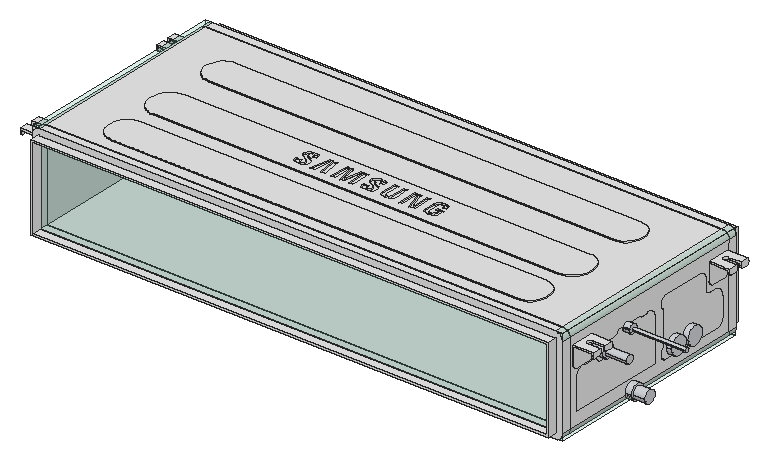
Revit family "EU_SINGLE_IDU_GDS_Ver.1.0", category 기계 장비, Revit 2019
Family settings
  원형 커넥터 치수 = 반지름 사용
  부품 유형 = 보통
  작업 기준면 기반 = 아니오
  항상 수직 = 예
  로드될 때 보이드를 사용하여 절단 = 아니오
  공유 = 아니오
  룸 계산 점 = 아니오
Parameters (values of type "7.1kW, 220-240V, Global DUCT S, R32")
  Voltage [instance] = "220~240 V"
  URL = "www.samsung.com"
  Total Heating Capacity [instance] = 8.00 kW
  Total Cooling Capacity [instance] = 7.10 kW
  System Served = ""
  Supply Air Connection Width [instance] = Net Dimensions Width - 33.00 mm  # 1067.00 mm
  Supply Air Connection Offset Bottom [instance] = 0.00 mm
  Supply Air Connection Height [instance] = Net Dimensions Height - 30.00 mm  # 170.00 mm
  Subscribe for Update Alerts = ""
  Sound Pressure Middle [instance] = "32.00 CMM"
  Sound Pressure Low [instance] = "27.00 CMM"
  Sound Pressure High [instance] = "37.00 CMM"
  Sound Power Cooling [instance] = "59.00 CMM"
  Serial Number = ""
  Sensible Cooling Capacity [instance] = 0.00 kW
  Sales Rep Locator = ""
  Return Air Connection Width [instance] = Net Dimensions Width - 33.00 mm  # 1067.00 mm
  Return Air Connection Offset Bottom [instance] = 0.00 mm
  Return Air Connection Height [instance] = Net Dimensions Height - 30.00 mm  # 170.00 mm
  Refrigerant Type = "R32"
  Refrigerant Suction Gas Connection Radius [instance] = if(1 = 1, Refrigerant Suction Gas Connection Diameter / 2, 0.00 mm)  # 7.94 mm
  Refrigerant Suction Gas Connection Offset Left [instance] = 99.34 mm
  Refrigerant Suction Gas Connection Offset Bottom [instance] = 130.00 mm
  Refrigerant Suction Gas Connection Diameter [instance] = 15.88 mm
  Refrigerant Liquid Connection Radius [instance] = if(1 = 1, Refrigerant Liquid Connection Diameter / 2, 0.00 mm)  # 3.175 mm
  Refrigerant Liquid Connection Offset Left [instance] = 164.00 mm
  Refrigerant Liquid Connection Offset Bottom [instance] = 143.00 mm
  Refrigerant Liquid Connection Diameter [instance] = 6.35 mm
  Product Page URL = ""
  Product Documentation Link = ""
  Power Supply [instance] = 50.00 Hz
  Power Input Heating [instance] = 2.38 W
  Power Input Cooling [instance] = 2.38 W
  Power Connection Offset Left [instance] = 282.782 mm
  Power Connection Offset Bottom [instance] = 59.765 mm
  Phase [instance] = 1
  Panel Net Dimensions Width [instance] = 0.00 mm
  Panel Net Dimensions Height [instance] = 0.00 mm
  Panel Net Dimensions Depth [instance] = 0.00 mm
  Panel Model = "-"
  Panel  Net Weight = 0.00 kg
  Number of poles [instance] = ""
  Notes = ""
  Net Dimensions Width [instance] = 1100.00 mm
  Net Dimensions Height [instance] = 200.00 mm
  Net Dimensions Depth [instance] = 450.00 mm
  모델 = "AC071RNLDKG/EU"
  Net  Weight = 23.40 kg
  Motor Output [instance] = 153 W
  Maximum Rated Over Protection Device [instance] = "Fuse"
  Manufacturer Metadata = ""
  제조업체 = "SAMSUNG"
  Location = ""
  Heating Leaving Dry Bulb Temperature [instance] = 0 °C
  Heating Entering Dry Bulb Temperature [instance] = 7 °C
  Free Content Downloads = ""
  Family Load Status [instance] = "Valid - Type loaded via type catalog"
  External Static Pressure [instance] = "0.00 mmaq"
  Equipment Finish [instance] = Molded case
  Designation = ""
  Design Heating Air Flow Minimum [instance] = "0.00 CMM"
  Design Heating Air Flow Maximum [instance] = "0.00 CMM"
  Design Cooling Air Flow Minimum [instance] = "10.00 CMM"
  Design Cooling Air Flow Maximum [instance] = "19.00 CMM"
  Design Ambient Winter Wet Bulb Temperature [instance] = 6 °C
  Design Ambient Winter Dry Bulb Temperature [instance] = 7 °C
  Design Ambient Summer Dry Bulb Temperature [instance] = 35 °C
  Decoration Panel Finish [instance] = White
  Current Input Heating [instance] = 10.4 A
  Current Input Cooling [instance] = 10.5 A
  Cooling Leaving Wet Bulb Temperature [instance] = 0 °C
  Cooling Leaving Dry Bulb Temperature [instance] = 0 °C
  Cooling Entering Wet Bulb Temperature [instance] = 24 °C
  Cooling Entering Dry Bulb Temperature [instance] = 35 °C
  Conduit for power supply & communication wiring [instance] = 35.984 mm
  Condensate Drain Connection Radius [instance] = if(1 = 1, Condensate Drain Connection Diameter / 2, 0.00 mm)  # 12.50 mm
  Condensate Drain Connection Offset left [instance] = 175.47 mm
  Condensate Drain Connection Offset Bottom [instance] = 21.00 mm
  Condensate Drain Connection Diameter [instance] = 25.00 mm
  Clearance Type [instance] = Do not Include Clearance : Do not Include Clearance
  Clearance Offset Top [instance] = 0.00 mm
  Clearance Offset Right [instance] = 0.00 mm
  Clearance Offset Left [instance] = 0.00 mm
  Clearance Offset Front [instance] = 0.00 mm
  Clearance Offset Bottom [instance] = 0.00 mm
  Clearance Offset Back [instance] = 0.00 mm
  Actual Ventilation Air Flow [instance] = "0.00 CMM"
  Actual Supply Air Flow [instance] = "0.00 CMM"
  Actual Return Air Flow [instance] = "0.00 CMM"
  Actual Air Flow Imbalance [instance] = "0.00 CMM"
Reference planes
  plane 1 "Center (Front/Back)": y = 0
  plane 2: z = 0
  plane 3 "Center (Left/Right)": x = 0
  plane 4 "Left": x = -550
  plane 5 "Right": x = 550
  plane 6 "Back": y = 225
  plane 7 "Front": y = -225
  plane 8 "Top": z = 200
  plane 9 "Air Inlet": y = 245
  plane 10 "Air Outlet": y = -245
  plane 11: x = -533.5
  plane 12: x = 533.5
  plane 13: y = 207
  plane 14: y = -207
  plane 15: z = 100
  plane 16: z = 185
  plane 17: z = 15
  plane 18: x = 533.5
  plane 19: x = -533.5
  plane 20: z = 185
  plane 21: z = 15
  plane 22: z = 130
  plane 23: y = -125.66
  plane 24: y = -61
  plane 25: z = 143
  plane 26: y = -49.53
  plane 27: z = 21
  plane 28: y = 167.317
  plane 29: z = 53.409
  plane 30: z = 94.391
  plane 31: x = 676.935
  plane 32: x = 609.677
  plane 33: x = 590.655
  plane 34: z = -2
  plane 35: z = 202
  plane 36: z = 59.765
  plane 37: y = 57.782
Forms (mm)
  Extrusion 1, solid, material "Ivory"
    sketch origin (0, 0, 0) x (1, 0, 0) y (0, 0, 1)
      loop
        line (-550, 185) -> (-550, 15)
        arc (-550, 15) -> (-545.607, 4.393) -> (-535, 0) r 15
        line (-535, 0) -> (535, 0)
        arc (535, 0) -> (545.607, 4.393) -> (550, 15) r 15
        line (550, 15) -> (550, 185)
        arc (550, 185) -> (545.607, 195.607) -> (535, 200) r 15
        line (535, 200) -> (-535, 200)
        arc (-535, 200) -> (-545.607, 195.607) -> (-550, 185) r 15
      loop
        line (534, 185) -> (-534, 185) -> (-534, 15) -> (534, 15) -> (534, 185)
    from -207 to 207
  Extrusion 2, solid, material "Ivory"
    sketch origin (0, -245, 0) x (-1, 0, 0) y (0, 0, 1)
      loop
        line (-533.5, 185) -> (-533.5, 15) -> (533.5, 15) -> (533.5, 185) -> (-533.5, 185)
      loop
        line (536.5, 188) -> (-536.5, 188) -> (-536.5, 12) -> (536.5, 12) -> (536.5, 188)
    from 0 to 20
  Extrusion 3, solid, material "Ivory"
    sketch origin (0, 245, 0) x (-1, 0, 0) y (0, 0, 1)
      loop
        line (533.5, 15) -> (533.5, 185) -> (-533.5, 185) -> (-533.5, 15) -> (533.5, 15)
      loop
        line (-536.5, 12) -> (536.5, 12) -> (536.5, 188) -> (-536.5, 188) -> (-536.5, 12)
    from 0 to -20
  Extrusion 4, solid
    sketch origin (550, 0, 0) x (0, 1, 0) y (0, 0, 1)
      loop
        circle (99.771, 59.765) r 17.992
      loop
        circle (57.782, 59.765) r 17.992
    from 0 to 15
  Extrusion 5, solid
    sketch origin (550, 0, 0) x (0, 1, 0) y (0, 0, 1)
      loop
        circle (-49.53, 21) r 12.5
    from 0 to 40.655
  Extrusion 6, solid
    sketch origin (550, 0, 0) x (0, 1, 0) y (0, 0, 1)
      loop
        circle (-125.66, 130) r 7.94
    from 0 to 59.677
  Extrusion 7, solid
    sketch origin (550, 0, 0) x (0, 1, 0) y (0, 0, 1)
      loop
        circle (-61, 143) r 3.175
    from 0 to 126.935
  Extrusion 8, solid
    sketch origin (550, 0, 0) x (0, 1, 0) y (0, 0, 1)
      loop
        circle (-125.66, 130) r 13
    from 0 to 15
  Extrusion 9, solid
    sketch origin (550, 0, 0) x (0, 1, 0) y (0, 0, 1)
      loop
        circle (-61, 143) r 8.5
    from 0 to 15
  Extrusion 10, solid
    sketch origin (550, 0, 0) x (0, 1, 0) y (0, 0, 1)
      loop
        circle (-49.53, 21) r 15.335
    from 0 to 15
  Extrusion 11, solid, material "Ivory"
    sketch origin (0, -207, 0) x (1, 0, 0) y (0, 0, 1)
      loop
        line (-534, 15) -> (534, 15) -> (534, 185) -> (-534, 185) -> (-534, 15)
      loop
        line (-550, 185) -> (-550, 15)
        arc (-550, 15) -> (-545.607, 4.393) -> (-535, 0) r 15
        line (-535, 0) -> (535, 0)
        arc (535, 0) -> (545.607, 4.393) -> (550, 15) r 15
        line (550, 15) -> (550, 185)
        arc (550, 185) -> (545.607, 195.607) -> (535, 200) r 15
        line (535, 200) -> (-535, 200)
        arc (-535, 200) -> (-545.607, 195.607) -> (-550, 185) r 15
    from 0 to 18
  Extrusion 12, solid, material "Ivory"
    sketch origin (0, 207, 0) x (-1, 0, 0) y (0, 0, 1)
      loop
        line (535, 200) -> (-535, 200)
        arc (-535, 200) -> (-545.607, 195.607) -> (-550, 185) r 15
        line (-550, 185) -> (-550, 15)
        arc (-550, 15) -> (-545.607, 4.393) -> (-535, 0) r 15
        line (-535, 0) -> (535, 0)
        arc (535, 0) -> (545.607, 4.393) -> (550, 15) r 15
        line (550, 15) -> (550, 185)
        arc (550, 185) -> (545.607, 195.607) -> (535, 200) r 15
      loop
        line (-534, 185) -> (-534, 15) -> (534, 15) -> (534, 185) -> (-534, 185)
    from 0 to 18
  Extrusion 13, solid, material "Ivory"
    sketch origin (535, 0, 200) x (-1, 0, 0) y (0, -1, 0)
      loop
        arc (954.26, -140.88) -> (978.196, -130.966) -> (988.111, -107.029) r 33.851
        line (988.111, -107.029) -> (988.111, -102.03)
        arc (988.111, -102.03) -> (978.196, -78.094) -> (954.26, -68.179) r 33.851
        line (954.26, -68.179) -> (115.468, -68.179)
        arc (115.468, -68.179) -> (91.531, -78.094) -> (81.616, -102.03) r 33.851
        line (81.616, -102.03) -> (81.616, -107.029)
        arc (81.616, -107.029) -> (91.531, -130.966) -> (115.468, -140.88) r 33.851
        line (115.468, -140.88) -> (954.26, -140.88)
      loop
        arc (954.26, -6.515) -> (981.023, 4.571) -> (992.109, 31.334) r 37.85
        line (992.109, 31.334) -> (992.109, 36.333)
        arc (992.109, 36.333) -> (981.023, 63.097) -> (954.26, 74.183) r 37.85
        line (954.26, 74.183) -> (115.468, 74.183)
        arc (115.468, 74.183) -> (88.704, 63.097) -> (77.618, 36.333) r 37.85
        line (77.618, 36.333) -> (77.618, 31.334)
        arc (77.618, 31.334) -> (88.704, 4.571) -> (115.468, -6.515) r 37.85
        line (115.468, -6.515) -> (954.26, -6.515)
      loop
        arc (954.26, 106.204) -> (979.081, 116.486) -> (989.362, 141.307) r 35.103
        line (989.362, 141.307) -> (989.362, 146.306)
        arc (989.362, 146.306) -> (979.081, 171.127) -> (954.26, 181.409) r 35.103
        line (954.26, 181.409) -> (115.468, 181.409)
        arc (115.468, 181.409) -> (90.646, 171.127) -> (80.365, 146.306) r 35.103
        line (80.365, 146.306) -> (80.365, 141.307)
        arc (80.365, 141.307) -> (90.646, 116.486) -> (115.468, 106.204) r 35.103
        line (115.468, 106.204) -> (954.26, 106.204)
      loop
        line (637.987, 12.826) -> (645.609, 53.954) -> (635.794, 53.954) -> (630.118, 16.291)
        arc (630.118, 16.291) -> (629.08, 15.398) -> (628.044, 16.294) r 1.048
        line (628.044, 16.294) -> (622.508, 53.954) -> (612.777, 53.954) -> (620.353, 12.826) -> (637.987, 12.826)
      loop
        line (601.405, 12.826) -> (602.312, 53.954) -> (593.322, 53.954) -> (593.056, 16.653)
        arc (593.056, 16.653) -> (592.142, 15.661) -> (591.068, 16.476) r 1.003
        line (591.068, 16.476) -> (584.087, 53.954) -> (574.642, 53.954) -> (567.656, 16.415)
        arc (567.656, 16.415) -> (566.588, 15.604) -> (565.68, 16.59) r 0.997
        line (565.68, 16.59) -> (565.413, 53.954) -> (556.427, 53.954) -> (557.331, 12.826) -> (573.233, 12.826) -> (578.344, 44.509)
        arc (578.344, 44.509) -> (579.368, 45.381) -> (580.392, 44.509) r 1.037
        line (580.392, 44.509) -> (585.499, 12.826) -> (601.405, 12.826)
      loop
        line (516.287, 23.668) -> (516.287, 21.532)
        spline (516.287, 21.532) -> (516.391, 19.964) -> (516.679, 18.532) -> (517.153, 17.237) -> (517.811, 16.078) -> (518.654, 15.055) -> (519.683, 14.169) -> (520.896, 13.419) -> (522.294, 12.806) -> (523.877, 12.328) -> (525.645, 11.988) -> (527.598, 11.783) -> (529.736, 11.715)
        spline (529.736, 11.715) -> (531.738, 11.787) -> (533.587, 11.978) -> (535.285, 12.288) -> (536.83, 12.716) -> (538.224, 13.262) -> (539.465, 13.928) -> (540.554, 14.711) -> (541.492, 15.613) -> (542.277, 16.634) -> (542.91, 17.773) -> (543.391, 19.031) -> (543.721, 20.408)
        spline (543.721, 20.408) -> (543.811, 20.881) -> (543.884, 21.35) -> (543.938, 21.815) -> (543.975, 22.276) -> (543.994, 22.733) -> (543.996, 23.186) -> (543.979, 23.635) -> (543.945, 24.081) -> (543.893, 24.522) -> (543.823, 24.959) -> (543.735, 25.392) -> (543.629, 25.821)
        spline (543.629, 25.821) -> (543.038, 27.639) -> (541.932, 29.303) -> (540.412, 30.834) -> (538.578, 32.256) -> (536.53, 33.59) -> (534.367, 34.859) -> (532.189, 36.084) -> (530.097, 37.288) -> (528.19, 38.494) -> (526.568, 39.723) -> (525.331, 40.997) -> (524.579, 42.34)
        line (524.579, 42.34) -> (524.452, 46.003) -> (529.425, 49.497) -> (534.548, 44.803) -> (534.548, 41.552) -> (544.212, 41.552) -> (544.212, 43.962)
        spline (544.212, 43.962) -> (544.082, 45.794) -> (543.755, 47.467) -> (543.231, 48.981) -> (542.51, 50.335) -> (541.592, 51.53) -> (540.478, 52.566) -> (539.166, 53.442) -> (537.657, 54.159) -> (535.952, 54.717) -> (534.049, 55.115) -> (531.95, 55.354) -> (529.653, 55.434)
        spline (529.653, 55.434) -> (527.618, 55.371) -> (525.738, 55.184) -> (524.013, 54.873) -> (522.445, 54.437) -> (521.032, 53.876) -> (519.775, 53.191) -> (518.674, 52.382) -> (517.728, 51.447) -> (516.938, 50.388) -> (516.304, 49.205) -> (515.826, 47.897) -> (515.503, 46.465)
        spline (515.503, 46.465) -> (515.425, 45.858) -> (515.361, 45.26) -> (515.312, 44.672) -> (515.278, 44.094) -> (515.259, 43.524) -> (515.255, 42.964) -> (515.266, 42.413) -> (515.291, 41.872) -> (515.332, 41.34) -> (515.387, 40.817) -> (515.457, 40.303) -> (515.542, 39.799)
        spline (515.542, 39.799) -> (516.408, 37.636) -> (517.701, 35.769) -> (519.331, 34.153) -> (521.21, 32.741) -> (523.251, 31.489) -> (525.364, 30.349) -> (527.462, 29.278) -> (529.455, 28.228) -> (531.256, 27.154) -> (532.776, 26.011) -> (533.927, 24.752) -> (534.62, 23.332)
        line (534.62, 23.332) -> (534.672, 20.712)
        spline (534.672, 20.712) -> (534.5, 20.151) -> (534.288, 19.639) -> (534.036, 19.175) -> (533.744, 18.76) -> (533.412, 18.394) -> (533.04, 18.077) -> (532.628, 17.809) -> (532.175, 17.589) -> (531.683, 17.418) -> (531.15, 17.296) -> (530.578, 17.223) -> (529.965, 17.199)
        spline (529.965, 17.199) -> (529.219, 17.269) -> (528.537, 17.397) -> (527.917, 17.584) -> (527.36, 17.83) -> (526.865, 18.133) -> (526.434, 18.496) -> (526.065, 18.917) -> (525.76, 19.396) -> (525.517, 19.934) -> (525.337, 20.53) -> (525.22, 21.185) -> (525.165, 21.899)
        line (525.165, 21.899) -> (525.165, 23.668) -> (516.287, 23.668)
      loop
        line (494.459, 12.829) -> (503.588, 12.829) -> (503.588, 42.715)
        arc (503.588, 42.715) -> (503.564, 44.077) -> (503.491, 45.438) r 38.033
        spline (503.491, 45.438) -> (503.245, 47.006) -> (502.83, 48.439) -> (502.246, 49.735) -> (501.493, 50.895) -> (500.572, 51.918) -> (499.481, 52.805) -> (498.222, 53.555) -> (496.794, 54.169) -> (495.197, 54.646) -> (493.431, 54.988) -> (491.496, 55.192) -> (489.392, 55.26)
        spline (489.392, 55.26) -> (487.288, 55.192) -> (485.354, 54.988) -> (483.588, 54.646) -> (481.991, 54.169) -> (480.562, 53.555) -> (479.303, 52.805) -> (478.213, 51.918) -> (477.291, 50.895) -> (476.538, 49.735) -> (475.955, 48.439) -> (475.54, 47.006) -> (475.294, 45.438)
        arc (475.294, 45.438) -> (475.221, 44.077) -> (475.196, 42.715) r 38.033
        line (475.196, 42.715) -> (475.193, 12.829) -> (484.322, 12.829) -> (484.322, 44.17)
        arc (484.322, 44.17) -> (489.391, 49.238) -> (494.459, 44.17) r 5.068
        line (494.459, 44.17) -> (494.459, 12.829)
      loop
        line (461.607, 53.51) -> (452.798, 53.51) -> (453.368, 19.93)
        arc (453.368, 19.93) -> (452.507, 18.906) -> (451.374, 19.616) r 1.019
        line (451.374, 19.616) -> (441.073, 53.51) -> (427.307, 53.51) -> (427.307, 12.826) -> (436.185, 12.826) -> (435.624, 45.126)
        arc (435.624, 45.126) -> (436.505, 46.169) -> (437.656, 45.435) r 1.037
        line (437.656, 45.435) -> (447.196, 12.826) -> (461.607, 12.826) -> (461.607, 53.51)
      loop
        line (414.318, 24.231) -> (414.318, 42.253)
        arc (414.318, 42.253) -> (414.281, 43.628) -> (414.169, 45) r 25.436
        spline (414.169, 45) -> (413.883, 46.567) -> (413.433, 47.999) -> (412.82, 49.294) -> (412.044, 50.453) -> (411.105, 51.475) -> (410.003, 52.361) -> (408.737, 53.111) -> (407.309, 53.724) -> (405.717, 54.202) -> (403.962, 54.542) -> (402.044, 54.747) -> (399.964, 54.815)
        spline (399.964, 54.815) -> (397.882, 54.747) -> (395.963, 54.542) -> (394.207, 54.201) -> (392.615, 53.724) -> (391.185, 53.11) -> (389.919, 52.36) -> (388.817, 51.473) -> (387.877, 50.45) -> (387.101, 49.291) -> (386.487, 47.995) -> (386.037, 46.563) -> (385.75, 44.995)
        arc (385.75, 44.995) -> (385.634, 43.623) -> (385.596, 42.248) r 24.469
        line (385.596, 42.248) -> (385.596, 31.629) -> (399.064, 31.629) -> (399.064, 36.164) -> (396.282, 36.164)
        arc (396.282, 36.164) -> (395.145, 36.635) -> (394.674, 37.772) r 1.608
        line (394.674, 37.772) -> (394.674, 43.221)
        arc (394.674, 43.221) -> (394.701, 44.111) -> (394.781, 44.998) r 14.848
        spline (394.781, 44.998) -> (394.982, 45.609) -> (395.226, 46.166) -> (395.512, 46.671) -> (395.841, 47.122) -> (396.213, 47.521) -> (396.628, 47.866) -> (397.085, 48.158) -> (397.585, 48.397) -> (398.127, 48.583) -> (398.712, 48.716) -> (399.34, 48.795) -> (400.011, 48.822)
        spline (400.011, 48.822) -> (400.68, 48.795) -> (401.306, 48.716) -> (401.89, 48.583) -> (402.432, 48.398) -> (402.93, 48.16) -> (403.386, 47.868) -> (403.8, 47.524) -> (404.171, 47.126) -> (404.499, 46.676) -> (404.785, 46.172) -> (405.028, 45.616) -> (405.229, 45.007)
        arc (405.229, 45.007) -> (405.316, 44.118) -> (405.345, 43.225) r 13.734
        line (405.345, 43.225) -> (405.345, 23.648)
        arc (405.345, 23.648) -> (405.298, 22.539) -> (405.156, 21.438) r 13.005
        spline (405.156, 21.438) -> (404.992, 20.856) -> (404.781, 20.322) -> (404.522, 19.836) -> (404.215, 19.4) -> (403.861, 19.011) -> (403.459, 18.671) -> (403.01, 18.38) -> (402.513, 18.137) -> (401.968, 17.942) -> (401.376, 17.796) -> (400.737, 17.698) -> (400.049, 17.649)
        spline (400.049, 17.649) -> (399.359, 17.699) -> (398.717, 17.797) -> (398.123, 17.943) -> (397.576, 18.138) -> (397.078, 18.382) -> (396.626, 18.675) -> (396.223, 19.016) -> (395.868, 19.406) -> (395.56, 19.845) -> (395.3, 20.332) -> (395.088, 20.868) -> (394.924, 21.452)
        arc (394.924, 21.452) -> (394.81, 22.349) -> (394.772, 23.252) r 10.794
        line (394.772, 23.252) -> (394.772, 24.797) -> (385.72, 24.797)
        arc (385.72, 24.797) -> (385.675, 23.139) -> (385.774, 21.484) r 19.142
        spline (385.774, 21.484) -> (386.028, 19.917) -> (386.45, 18.486) -> (387.041, 17.191) -> (387.801, 16.033) -> (388.73, 15.011) -> (389.828, 14.125) -> (391.094, 13.376) -> (392.53, 12.762) -> (394.134, 12.285) -> (395.907, 11.945) -> (397.849, 11.74) -> (399.96, 11.672)
        spline (399.96, 11.672) -> (402.051, 11.74) -> (403.976, 11.944) -> (405.736, 12.285) -> (407.331, 12.762) -> (408.761, 13.375) -> (410.025, 14.124) -> (411.124, 15.01) -> (412.058, 16.031) -> (412.826, 17.189) -> (413.43, 18.483) -> (413.868, 19.914) -> (414.141, 21.48)
        arc (414.141, 21.48) -> (414.274, 22.853) -> (414.318, 24.231) r 21.394
      loop
        line (655.526, 23.57) -> (655.526, 21.434)
        spline (655.526, 21.434) -> (655.629, 19.866) -> (655.918, 18.435) -> (656.391, 17.139) -> (657.05, 15.98) -> (657.893, 14.958) -> (658.921, 14.071) -> (660.134, 13.321) -> (661.533, 12.708) -> (663.116, 12.231) -> (664.884, 11.89) -> (666.837, 11.685) -> (668.974, 11.617)
        spline (668.974, 11.617) -> (670.976, 11.689) -> (672.826, 11.88) -> (674.523, 12.19) -> (676.069, 12.618) -> (677.462, 13.165) -> (678.704, 13.83) -> (679.793, 14.613) -> (680.73, 15.516) -> (681.516, 16.536) -> (682.149, 17.676) -> (682.63, 18.933) -> (682.959, 20.31)
        spline (682.959, 20.31) -> (683.049, 20.783) -> (683.122, 21.252) -> (683.177, 21.717) -> (683.214, 22.178) -> (683.233, 22.635) -> (683.234, 23.088) -> (683.218, 23.538) -> (683.183, 23.983) -> (683.131, 24.424) -> (683.061, 24.861) -> (682.973, 25.294) -> (682.868, 25.723)
        spline (682.868, 25.723) -> (682.276, 27.541) -> (681.171, 29.205) -> (679.651, 30.737) -> (677.817, 32.158) -> (675.768, 33.492) -> (673.605, 34.761) -> (671.428, 35.986) -> (669.336, 37.19) -> (667.429, 38.396) -> (665.807, 39.625) -> (664.569, 40.899) -> (663.817, 42.242)
        line (663.817, 42.242) -> (663.691, 45.905) -> (668.663, 49.4) -> (673.787, 44.705) -> (673.787, 41.454) -> (683.45, 41.454) -> (683.45, 43.864)
        spline (683.45, 43.864) -> (683.32, 45.696) -> (682.993, 47.369) -> (682.469, 48.883) -> (681.749, 50.237) -> (680.831, 51.432) -> (679.716, 52.468) -> (678.404, 53.344) -> (676.896, 54.061) -> (675.19, 54.619) -> (673.288, 55.017) -> (671.188, 55.256) -> (668.892, 55.336)
        spline (668.892, 55.336) -> (666.856, 55.273) -> (664.976, 55.087) -> (663.252, 54.775) -> (661.683, 54.339) -> (660.271, 53.779) -> (659.014, 53.093) -> (657.912, 52.284) -> (656.967, 51.35) -> (656.177, 50.291) -> (655.543, 49.107) -> (655.064, 47.799) -> (654.742, 46.367)
        spline (654.742, 46.367) -> (654.663, 45.76) -> (654.599, 45.163) -> (654.551, 44.575) -> (654.517, 43.996) -> (654.498, 43.426) -> (654.494, 42.866) -> (654.504, 42.316) -> (654.53, 41.774) -> (654.57, 41.242) -> (654.626, 40.719) -> (654.696, 40.205) -> (654.781, 39.701)
        spline (654.781, 39.701) -> (655.647, 37.538) -> (656.939, 35.671) -> (658.569, 34.055) -> (660.449, 32.643) -> (662.489, 31.391) -> (664.603, 30.252) -> (666.7, 29.18) -> (668.694, 28.13) -> (670.495, 27.056) -> (672.015, 25.913) -> (673.166, 24.654) -> (673.859, 23.234)
        line (673.859, 23.234) -> (673.911, 20.614)
        spline (673.911, 20.614) -> (673.739, 20.053) -> (673.527, 19.541) -> (673.275, 19.077) -> (672.983, 18.662) -> (672.651, 18.297) -> (672.279, 17.979) -> (671.866, 17.711) -> (671.414, 17.491) -> (670.921, 17.321) -> (670.389, 17.199) -> (669.816, 17.125) -> (669.203, 17.101)
        spline (669.203, 17.101) -> (668.458, 17.171) -> (667.775, 17.299) -> (667.155, 17.486) -> (666.598, 17.732) -> (666.104, 18.036) -> (665.672, 18.398) -> (665.304, 18.819) -> (664.998, 19.298) -> (664.755, 19.836) -> (664.575, 20.433) -> (664.458, 21.087) -> (664.404, 21.801)
        line (664.404, 21.801) -> (664.404, 23.57) -> (655.526, 23.57)
    from 0 to 2
  Extrusion 14, solid, material "Ivory"
    sketch origin (550, 0, 0) x (0, 1, 0) y (0, 0, 1)
      loop
        line (-189.805, 42.614) -> (10.678, 42.614) -> (10.678, 130.772)
        arc (10.678, 130.772) -> (6.285, 141.376) -> (-4.319, 145.768) r 14.996
        line (-4.319, 145.768) -> (-5.625, 145.768)
        arc (-5.625, 145.768) -> (-7.108, 145.11) -> (-7.615, 143.568) r 2
        line (-7.615, 143.568) -> (-25.129, 143.568)
        arc (-25.129, 143.568) -> (-25.636, 145.11) -> (-27.119, 145.768) r 2
        line (-27.119, 145.768) -> (-48.33, 145.768)
        arc (-48.33, 145.768) -> (-49.663, 145.258) -> (-50.318, 143.993) r 2
        arc (-50.318, 143.993) -> (-50.553, 142.621) -> (-50.95, 141.287) r 11.647
        arc (-50.95, 141.287) -> (-63.281, 133.706) -> (-73.47, 143.988) r 11.646
        arc (-73.47, 143.988) -> (-74.124, 145.258) -> (-75.457, 145.768) r 2
        line (-75.457, 145.768) -> (-79.413, 145.768)
        arc (-79.413, 145.768) -> (-82.672, 144.56) -> (-84.355, 141.519) r 4.999
        arc (-84.355, 141.519) -> (-86.039, 138.478) -> (-89.298, 137.27) r 4.999
        line (-89.298, 137.27) -> (-102.978, 137.27)
        arc (-102.978, 137.27) -> (-106.513, 135.806) -> (-107.977, 132.271) r 4.999
        line (-107.977, 132.271) -> (-107.977, 124.677) -> (-109.277, 124.677)
        arc (-109.277, 124.677) -> (-122.628, 108.36) -> (-141.265, 118.219) r 16.646
        line (-141.265, 118.219) -> (-142.462, 117.715)
        arc (-142.462, 117.715) -> (-144.304, 119.94) -> (-147.07, 120.774) r 4.999
        line (-147.07, 120.774) -> (-150.122, 120.774)
        arc (-150.122, 120.774) -> (-151.604, 120.116) -> (-152.111, 118.575) r 2
        line (-152.111, 118.575) -> (-169.513, 118.575)
        arc (-169.513, 118.575) -> (-170.019, 120.116) -> (-171.502, 120.774) r 2
        line (-171.502, 120.774) -> (-174.808, 120.774)
        arc (-174.808, 120.774) -> (-185.412, 116.382) -> (-189.805, 105.778) r 14.996
        line (-189.805, 105.778) -> (-189.805, 42.614)
      loop
        line (130.014, 156.651) -> (41.036, 156.651)
        arc (41.036, 156.651) -> (32.035, 152.892) -> (28.38, 143.848) r 12.657
        arc (28.38, 143.848) -> (29.644, 138.187) -> (33.301, 133.684) r 12.657
        arc (33.301, 133.684) -> (34.831, 131.813) -> (35.378, 129.458) r 5.339
        line (35.378, 129.458) -> (35.378, 64.553)
        arc (35.378, 64.553) -> (34.831, 62.199) -> (33.301, 60.327) r 5.339
        arc (33.301, 60.327) -> (29.644, 55.825) -> (28.38, 50.163) r 12.657
        arc (28.38, 50.163) -> (32.035, 41.12) -> (41.036, 37.361) r 12.657
        line (41.036, 37.361) -> (174.003, 37.361)
        arc (174.003, 37.361) -> (182.953, 41.068) -> (186.66, 50.017) r 12.657
        line (186.66, 50.017) -> (186.66, 92.007)
        arc (186.66, 92.007) -> (180.903, 105.905) -> (167.005, 111.662) r 19.655
        line (167.005, 111.662) -> (153.008, 111.662)
        arc (153.008, 111.662) -> (145.698, 114.69) -> (142.671, 122) r 10.338
        line (142.671, 122) -> (142.671, 143.994)
        arc (142.671, 143.994) -> (138.964, 152.944) -> (130.014, 156.651) r 12.657
    from 0 to 2
  Extrusion 15, solid
    sketch origin (-550, 0, 0) x (0, 1, 0) y (0, 0, 1)
      loop
        circle (123.881, 89.888) r 18.795
    from 0 to -15
  Extrusion 16, solid, material "Ivory"
    sketch origin (0, 0, 0) x (1, 0, 0) y (0, 1, 0)
      loop
        arc (-454.362, -146.417) -> (-444.081, -171.239) -> (-419.26, -181.52) r 35.103
        line (-419.26, -181.52) -> (419.532, -181.52)
        arc (419.532, -181.52) -> (444.354, -171.239) -> (454.635, -146.417) r 35.103
        line (454.635, -146.417) -> (454.635, -141.419)
        arc (454.635, -141.419) -> (444.354, -116.597) -> (419.532, -106.316) r 35.103
        line (419.532, -106.316) -> (-419.26, -106.316)
        arc (-419.26, -106.316) -> (-444.081, -116.597) -> (-454.362, -141.419) r 35.103
        line (-454.362, -141.419) -> (-454.362, -146.417)
      loop
        arc (-457.109, -36.445) -> (-446.023, -63.208) -> (-419.26, -74.294) r 37.85
        line (-419.26, -74.294) -> (419.532, -74.294)
        arc (419.532, -74.294) -> (446.296, -63.208) -> (457.382, -36.445) r 37.85
        line (457.382, -36.445) -> (457.382, -31.446)
        arc (457.382, -31.446) -> (446.296, -4.682) -> (419.532, 6.404) r 37.85
        line (419.532, 6.404) -> (-419.26, 6.404)
        arc (-419.26, 6.404) -> (-446.023, -4.682) -> (-457.109, -31.446) r 37.85
        line (-457.109, -31.446) -> (-457.109, -36.445)
      loop
        arc (-453.111, 101.919) -> (-443.196, 77.983) -> (-419.26, 68.068) r 33.851
        line (-419.26, 68.068) -> (419.532, 68.068)
        arc (419.532, 68.068) -> (443.469, 77.983) -> (453.384, 101.919) r 33.851
        line (453.384, 101.919) -> (453.384, 106.918)
        arc (453.384, 106.918) -> (443.469, 130.854) -> (419.532, 140.769) r 33.851
        line (419.532, 140.769) -> (-419.26, 140.769)
        arc (-419.26, 140.769) -> (-443.196, 130.854) -> (-453.111, 106.918) r 33.851
        line (-453.111, 106.918) -> (-453.111, 101.919)
      loop
        line (103.471, -13.599) -> (85.837, -13.599) -> (78.261, -54.727) -> (87.992, -54.727) -> (93.528, -17.068)
        arc (93.528, -17.068) -> (94.564, -16.172) -> (95.602, -17.064) r 1.048
        line (95.602, -17.064) -> (101.278, -54.727) -> (111.094, -54.727) -> (103.471, -13.599)
      loop
        line (66.889, -13.599) -> (50.984, -13.599) -> (45.876, -45.283)
        arc (45.876, -45.283) -> (44.852, -46.155) -> (43.828, -45.283) r 1.037
        line (43.828, -45.283) -> (38.717, -13.599) -> (22.815, -13.599) -> (21.912, -54.727) -> (30.897, -54.727) -> (31.164, -17.363)
        arc (31.164, -17.363) -> (32.073, -16.377) -> (33.141, -17.188) r 0.997
        line (33.141, -17.188) -> (40.127, -54.727) -> (49.571, -54.727) -> (56.552, -17.25)
        arc (56.552, -17.25) -> (57.626, -16.434) -> (58.541, -17.426) r 1.003
        line (58.541, -17.426) -> (58.807, -54.727) -> (67.796, -54.727) -> (66.889, -13.599)
      loop
        line (-18.229, -24.442) -> (-9.351, -24.442) -> (-9.351, -22.672)
        spline (-9.351, -22.672) -> (-9.296, -21.959) -> (-9.179, -21.304) -> (-8.999, -20.707) -> (-8.756, -20.169) -> (-8.45, -19.69) -> (-8.082, -19.269) -> (-7.65, -18.907) -> (-7.156, -18.603) -> (-6.599, -18.357) -> (-5.979, -18.171) -> (-5.296, -18.042) -> (-4.551, -17.972)
        spline (-4.551, -17.972) -> (-3.938, -17.997) -> (-3.366, -18.07) -> (-2.833, -18.192) -> (-2.34, -18.362) -> (-1.888, -18.582) -> (-1.476, -18.85) -> (-1.104, -19.168) -> (-0.771, -19.534) -> (-0.479, -19.948) -> (-0.227, -20.412) -> (-0.016, -20.924) -> (0.156, -21.485)
        line (0.156, -21.485) -> (0.104, -24.105)
        spline (0.104, -24.105) -> (-0.589, -25.525) -> (-1.739, -26.784) -> (-3.26, -27.928) -> (-5.06, -29.001) -> (-7.054, -30.051) -> (-9.152, -31.123) -> (-11.265, -32.262) -> (-13.306, -33.514) -> (-15.185, -34.926) -> (-16.815, -36.542) -> (-18.108, -38.409) -> (-18.974, -40.572)
        spline (-18.974, -40.572) -> (-19.059, -41.077) -> (-19.129, -41.59) -> (-19.184, -42.113) -> (-19.224, -42.645) -> (-19.25, -43.187) -> (-19.261, -43.738) -> (-19.257, -44.298) -> (-19.238, -44.867) -> (-19.204, -45.446) -> (-19.155, -46.034) -> (-19.091, -46.631) -> (-19.013, -47.238)
        spline (-19.013, -47.238) -> (-18.69, -48.67) -> (-18.212, -49.978) -> (-17.578, -51.162) -> (-16.788, -52.221) -> (-15.842, -53.155) -> (-14.741, -53.965) -> (-13.484, -54.65) -> (-12.071, -55.21) -> (-10.502, -55.646) -> (-8.778, -55.958) -> (-6.898, -56.145) -> (-4.863, -56.207)
        spline (-4.863, -56.207) -> (-2.566, -56.127) -> (-0.467, -55.888) -> (1.436, -55.49) -> (3.142, -54.932) -> (4.65, -54.215) -> (5.962, -53.339) -> (7.077, -52.303) -> (7.994, -51.108) -> (8.715, -49.754) -> (9.239, -48.24) -> (9.566, -46.567) -> (9.696, -44.735)
        line (9.696, -44.735) -> (9.696, -42.325) -> (0.033, -42.325) -> (0.033, -45.576) -> (-5.091, -50.271) -> (-10.064, -46.776) -> (-9.937, -43.113)
        spline (-9.937, -43.113) -> (-9.185, -41.771) -> (-7.948, -40.496) -> (-6.326, -39.267) -> (-4.419, -38.061) -> (-2.327, -36.857) -> (-0.149, -35.632) -> (2.014, -34.363) -> (4.062, -33.029) -> (5.896, -31.608) -> (7.416, -30.076) -> (8.522, -28.413) -> (9.114, -26.595)
        spline (9.114, -26.595) -> (9.219, -26.165) -> (9.307, -25.732) -> (9.377, -25.295) -> (9.429, -24.854) -> (9.463, -24.409) -> (9.48, -23.96) -> (9.478, -23.506) -> (9.459, -23.049) -> (9.422, -22.588) -> (9.368, -22.123) -> (9.295, -21.654) -> (9.205, -21.181)
        spline (9.205, -21.181) -> (8.876, -19.805) -> (8.394, -18.547) -> (7.761, -17.407) -> (6.976, -16.387) -> (6.039, -15.484) -> (4.949, -14.701) -> (3.708, -14.036) -> (2.314, -13.489) -> (0.769, -13.061) -> (-0.929, -12.752) -> (-2.778, -12.561) -> (-4.78, -12.488)
        spline (-4.78, -12.488) -> (-6.918, -12.556) -> (-8.871, -12.761) -> (-10.639, -13.102) -> (-12.222, -13.579) -> (-13.62, -14.193) -> (-14.833, -14.943) -> (-15.861, -15.829) -> (-16.705, -16.851) -> (-17.363, -18.01) -> (-17.836, -19.306) -> (-18.125, -20.737) -> (-18.229, -22.305)
        line (-18.229, -22.305) -> (-18.229, -24.442)
      loop
        line (-40.057, -13.602) -> (-40.057, -44.943)
        arc (-40.057, -44.943) -> (-45.125, -50.011) -> (-50.193, -44.943) r 5.068
        line (-50.193, -44.943) -> (-50.193, -13.602) -> (-59.323, -13.602) -> (-59.32, -43.489)
        arc (-59.32, -43.489) -> (-59.295, -44.851) -> (-59.222, -46.211) r 38.033
        spline (-59.222, -46.211) -> (-58.976, -47.78) -> (-58.561, -49.212) -> (-57.977, -50.508) -> (-57.225, -51.668) -> (-56.303, -52.691) -> (-55.213, -53.578) -> (-53.953, -54.328) -> (-52.525, -54.942) -> (-50.928, -55.42) -> (-49.162, -55.761) -> (-47.227, -55.965) -> (-45.124, -56.034)
        spline (-45.124, -56.034) -> (-43.02, -55.965) -> (-41.085, -55.761) -> (-39.319, -55.42) -> (-37.722, -54.942) -> (-36.294, -54.328) -> (-35.035, -53.578) -> (-33.944, -52.691) -> (-33.023, -51.668) -> (-32.27, -50.508) -> (-31.686, -49.212) -> (-31.271, -47.78) -> (-31.025, -46.211)
        arc (-31.025, -46.211) -> (-30.952, -44.851) -> (-30.928, -43.489) r 38.033
        line (-30.928, -43.489) -> (-30.928, -13.602) -> (-40.057, -13.602)
      loop
        line (-72.909, -54.284) -> (-72.909, -13.599) -> (-87.319, -13.599) -> (-96.86, -46.208)
        arc (-96.86, -46.208) -> (-98.011, -46.942) -> (-98.891, -45.899) r 1.037
        line (-98.891, -45.899) -> (-98.331, -13.599) -> (-107.209, -13.599) -> (-107.209, -54.284) -> (-93.443, -54.284) -> (-83.142, -20.39)
        arc (-83.142, -20.39) -> (-82.009, -19.679) -> (-81.148, -20.703) r 1.019
        line (-81.148, -20.703) -> (-81.718, -54.284) -> (-72.909, -54.284)
      loop
        arc (-120.198, -25.004) -> (-120.242, -23.626) -> (-120.375, -22.253) r 21.394
        spline (-120.375, -22.253) -> (-120.648, -20.687) -> (-121.086, -19.257) -> (-121.689, -17.962) -> (-122.458, -16.805) -> (-123.392, -15.783) -> (-124.491, -14.897) -> (-125.755, -14.148) -> (-127.185, -13.535) -> (-128.779, -13.058) -> (-130.54, -12.718) -> (-132.465, -12.513) -> (-134.555, -12.445)
        spline (-134.555, -12.445) -> (-136.666, -12.513) -> (-138.608, -12.718) -> (-140.382, -13.059) -> (-141.986, -13.536) -> (-143.422, -14.149) -> (-144.688, -14.898) -> (-145.786, -15.784) -> (-146.715, -16.806) -> (-147.475, -17.965) -> (-148.066, -19.259) -> (-148.488, -20.69) -> (-148.742, -22.258)
        arc (-148.742, -22.258) -> (-148.84, -23.913) -> (-148.796, -25.57) r 19.142
        line (-148.796, -25.57) -> (-139.743, -25.57) -> (-139.743, -24.025)
        arc (-139.743, -24.025) -> (-139.706, -23.122) -> (-139.592, -22.226) r 10.794
        spline (-139.592, -22.226) -> (-139.428, -21.641) -> (-139.216, -21.105) -> (-138.956, -20.618) -> (-138.648, -20.179) -> (-138.293, -19.789) -> (-137.889, -19.448) -> (-137.438, -19.156) -> (-136.939, -18.912) -> (-136.393, -18.716) -> (-135.799, -18.57) -> (-135.156, -18.472) -> (-134.467, -18.423)
        spline (-134.467, -18.423) -> (-133.779, -18.472) -> (-133.14, -18.569) -> (-132.547, -18.715) -> (-132.003, -18.91) -> (-131.506, -19.153) -> (-131.057, -19.444) -> (-130.655, -19.784) -> (-130.301, -20.173) -> (-129.994, -20.61) -> (-129.735, -21.095) -> (-129.524, -21.629) -> (-129.36, -22.211)
        arc (-129.36, -22.211) -> (-129.218, -23.313) -> (-129.171, -24.422) r 13.005
        line (-129.171, -24.422) -> (-129.171, -43.999)
        arc (-129.171, -43.999) -> (-129.2, -44.891) -> (-129.287, -45.78) r 13.734
        spline (-129.287, -45.78) -> (-129.488, -46.389) -> (-129.731, -46.946) -> (-130.017, -47.449) -> (-130.345, -47.9) -> (-130.716, -48.297) -> (-131.129, -48.641) -> (-131.586, -48.933) -> (-132.084, -49.171) -> (-132.625, -49.357) -> (-133.209, -49.489) -> (-133.836, -49.569) -> (-134.505, -49.595)
        spline (-134.505, -49.595) -> (-135.175, -49.569) -> (-135.803, -49.489) -> (-136.389, -49.356) -> (-136.931, -49.17) -> (-137.431, -48.931) -> (-137.888, -48.639) -> (-138.303, -48.294) -> (-138.675, -47.896) -> (-139.004, -47.444) -> (-139.29, -46.94) -> (-139.534, -46.382) -> (-139.735, -45.771)
        arc (-139.735, -45.771) -> (-139.815, -44.884) -> (-139.842, -43.994) r 14.848
        line (-139.842, -43.994) -> (-139.842, -38.545)
        arc (-139.842, -38.545) -> (-139.371, -37.409) -> (-138.234, -36.938) r 1.608
        line (-138.234, -36.938) -> (-135.452, -36.938) -> (-135.452, -32.403) -> (-148.92, -32.403) -> (-148.92, -43.021)
        arc (-148.92, -43.021) -> (-148.881, -44.397) -> (-148.765, -45.768) r 24.469
        spline (-148.765, -45.768) -> (-148.479, -47.336) -> (-148.029, -48.769) -> (-147.415, -50.064) -> (-146.639, -51.224) -> (-145.699, -52.247) -> (-144.596, -53.133) -> (-143.33, -53.883) -> (-141.901, -54.497) -> (-140.309, -54.975) -> (-138.553, -55.316) -> (-136.634, -55.52) -> (-134.552, -55.588)
        spline (-134.552, -55.588) -> (-132.471, -55.52) -> (-130.554, -55.316) -> (-128.799, -54.975) -> (-127.207, -54.498) -> (-125.779, -53.884) -> (-124.513, -53.135) -> (-123.411, -52.248) -> (-122.472, -51.226) -> (-121.696, -50.067) -> (-121.083, -48.772) -> (-120.633, -47.341) -> (-120.346, -45.773)
        arc (-120.346, -45.773) -> (-120.235, -44.402) -> (-120.198, -43.026) r 25.436
        line (-120.198, -43.026) -> (-120.198, -25.004)
      loop
        line (121.01, -24.344) -> (129.888, -24.344) -> (129.888, -22.574)
        spline (129.888, -22.574) -> (129.942, -21.861) -> (130.059, -21.206) -> (130.239, -20.61) -> (130.482, -20.072) -> (130.788, -19.592) -> (131.157, -19.171) -> (131.588, -18.809) -> (132.082, -18.505) -> (132.639, -18.26) -> (133.259, -18.073) -> (133.942, -17.944) -> (134.688, -17.874)
        spline (134.688, -17.874) -> (135.3, -17.899) -> (135.873, -17.972) -> (136.406, -18.094) -> (136.898, -18.265) -> (137.35, -18.484) -> (137.763, -18.753) -> (138.135, -19.07) -> (138.467, -19.436) -> (138.759, -19.851) -> (139.011, -20.314) -> (139.223, -20.827) -> (139.395, -21.388)
        line (139.395, -21.388) -> (139.343, -24.007)
        spline (139.343, -24.007) -> (138.65, -25.427) -> (137.499, -26.686) -> (135.979, -27.83) -> (134.178, -28.904) -> (132.185, -29.953) -> (130.087, -31.025) -> (127.974, -32.164) -> (125.933, -33.417) -> (124.053, -34.828) -> (122.423, -36.444) -> (121.131, -38.311) -> (120.265, -40.475)
        spline (120.265, -40.475) -> (120.18, -40.979) -> (120.11, -41.492) -> (120.054, -42.015) -> (120.014, -42.547) -> (119.989, -43.089) -> (119.978, -43.64) -> (119.982, -44.2) -> (120.001, -44.769) -> (120.035, -45.348) -> (120.084, -45.936) -> (120.147, -46.533) -> (120.226, -47.14)
        spline (120.226, -47.14) -> (120.548, -48.573) -> (121.027, -49.881) -> (121.661, -51.064) -> (122.451, -52.123) -> (123.396, -53.057) -> (124.498, -53.867) -> (125.755, -54.552) -> (127.168, -55.113) -> (128.736, -55.548) -> (130.46, -55.86) -> (132.34, -56.047) -> (134.376, -56.109)
        spline (134.376, -56.109) -> (136.672, -56.029) -> (138.772, -55.79) -> (140.674, -55.392) -> (142.38, -54.834) -> (143.889, -54.117) -> (145.2, -53.241) -> (146.315, -52.205) -> (147.233, -51.011) -> (147.954, -49.656) -> (148.478, -48.143) -> (148.804, -46.47) -> (148.934, -44.637)
        line (148.934, -44.637) -> (148.934, -42.228) -> (139.271, -42.228) -> (139.271, -45.478) -> (134.147, -50.173) -> (129.175, -46.678) -> (129.301, -43.015)
        spline (129.301, -43.015) -> (130.054, -41.673) -> (131.291, -40.398) -> (132.913, -39.169) -> (134.82, -37.964) -> (136.912, -36.759) -> (139.089, -35.534) -> (141.252, -34.266) -> (143.301, -32.932) -> (145.135, -31.51) -> (146.655, -29.978) -> (147.76, -28.315) -> (148.352, -26.497)
        spline (148.352, -26.497) -> (148.458, -26.068) -> (148.545, -25.634) -> (148.615, -25.197) -> (148.667, -24.756) -> (148.702, -24.311) -> (148.718, -23.862) -> (148.717, -23.409) -> (148.698, -22.951) -> (148.661, -22.49) -> (148.606, -22.025) -> (148.534, -21.556) -> (148.443, -21.083)
        spline (148.443, -21.083) -> (148.114, -19.707) -> (147.633, -18.449) -> (147, -17.31) -> (146.214, -16.289) -> (145.277, -15.387) -> (144.188, -14.603) -> (142.946, -13.938) -> (141.553, -13.391) -> (140.007, -12.963) -> (138.31, -12.654) -> (136.46, -12.463) -> (134.459, -12.39)
        spline (134.459, -12.39) -> (132.321, -12.459) -> (130.368, -12.663) -> (128.6, -13.004) -> (127.017, -13.481) -> (125.619, -14.095) -> (124.405, -14.845) -> (123.377, -15.731) -> (122.534, -16.754) -> (121.875, -17.913) -> (121.402, -19.208) -> (121.114, -20.64) -> (121.01, -22.208)
        line (121.01, -22.208) -> (121.01, -24.344)
    from 0 to -2
Dimensions and locks
  equal spacing: plane 4 "Left", plane 3 "Center (Left/Right)", plane 5 "Right"
  equal spacing: plane 6 "Back", plane 1 "Center (Front/Back)", plane 7 "Front"
  "Net Dimensions Width": plane 4 "Left" to plane 5 "Right"
  "Net Dimensions Depth": plane 6 "Back" to plane 7 "Front"
  "Net Dimensions Height": plane 8 "Top" to level
  plane 7 "Front" to nested 4 = 48.304 mm
  nested 3 to plane 6 "Back" = 48.09 mm
  plane 6 "Back" to nested 1 = 48.192 mm
  nested 2 to plane 7 "Front" = 48.202 mm
  locked: plane 9 "Air Inlet" to plane 6 "Back" at 20
  locked: plane 7 "Front" to plane 10 "Air Outlet" at 20
  locked: plane 14 to plane 7 "Front" at 18
  locked: plane 6 "Back" to plane 13 at 18
  locked: plane 8 "Top" to Extrusion 1 sketch curve at 15
  locked: plane 5 "Right" to Extrusion 1 sketch curve at 16
  locked: Extrusion 1 sketch curve to plane 2 at 15
  locked: Extrusion 1 sketch curve to plane 4 "Left" at 16
  equal spacing: plane 8 "Top", plane 15, level
  "Return Air Connection Width": plane 12 to plane 11
  locked: plane 11 to Extrusion 2 sketch curve at 3
  locked: Extrusion 2 sketch curve to plane 12 at 3
  locked: Extrusion 2 sketch curve to plane 16 at 3
  equal spacing: plane 16, plane 15, plane 17
  "Return Air Connection Height": plane 16 to plane 17
  locked: plane 17 to Extrusion 2 sketch curve at 3
  equal spacing: plane 12, plane 3 "Center (Left/Right)", plane 11
  equal spacing: plane 21, plane 15, plane 20
  "Supply Air Connection Height": plane 21 to plane 20
  equal spacing: plane 18, plane 3 "Center (Left/Right)", plane 19
  "Supply Air Connection Width": plane 18 to plane 19
  locked: Extrusion 3 sketch curve to plane 18 at 3
  locked: plane 19 to Extrusion 3 sketch curve at 3
  locked: plane 20 to Extrusion 3 sketch curve at 3
  locked: Extrusion 3 sketch curve to plane 21 at 3
  plane 29 to level = 53.409 mm
  plane 30 to level = 94.391 mm
  plane 28 to plane 6 "Back" = 57.683 mm
  "Condensate Drain Connection Offset left": plane 7 "Front" to plane 26
  "Condensate Drain Connection Offset Bottom": plane 27 to level
  "Refrigerant Liquid Connection Offset Bottom": plane 25 to level
  "Refrigerant Suction Gas Connection Offset Bottom": plane 22 to level
  "Refrigerant Liquid Connection Offset Left": plane 7 "Front" to plane 24
  "Refrigerant Suction Gas Connection Offset Left": plane 7 "Front" to plane 23
  locked: plane 5 "Right" to plane 31 at 126.935
  locked: plane 5 "Right" to plane 32 at 59.677
  locked: plane 5 "Right" to plane 33 at 40.655
  locked: level to plane 34 at 2
  locked: plane 35 to plane 8 "Top" at 2
  "Power Connection Offset Bottom": plane 36 to level
  "Power Connection Offset Left": plane 7 "Front" to plane 37
  "Condensate Drain Connection Radius": radius of Extrusion 5 sketch curve
  "Refrigerant Suction Gas Connection Radius": radius of Extrusion 6 sketch curve
  "Refrigerant Liquid Connection Radius": radius of Extrusion 7 sketch curve
  radius of Extrusion 1 sketch curve = 15.00 mm  (x4)
  "Conduit for power supply & communication wiring": diameter of Extrusion 4 sketch curve
  aligned and locked: plane 2 to level
  aligned and locked: plane 5 "Right" to nested 3
  aligned and locked: plane 5 "Right" to nested 4
  aligned and locked: nested 1 to plane 4 "Left"
  aligned and locked: nested 2 to plane 4 "Left"
  aligned and locked: Extrusion 1 sketch curve to plane 4 "Left"
  aligned and locked: Extrusion 1 sketch curve to plane 5 "Right"
  aligned and locked: Extrusion 1 sketch curve to plane 8 "Top"
  aligned and locked: Extrusion 1 sketch curve to plane 2
  aligned and locked: plane 13 to Extrusion 1
  aligned and locked: Extrusion 1 to plane 14
  aligned and locked: plane 16 to Extrusion 2 sketch curve
  aligned and locked: plane 12 to Extrusion 2 sketch curve
  aligned and locked: plane 11 to Extrusion 2 sketch curve
  aligned and locked: plane 7 "Front" to Extrusion 2
  aligned and locked: Extrusion 2 sketch curve to plane 17
  aligned and locked: Extrusion 3 sketch curve to plane 19
  aligned and locked: Extrusion 3 sketch curve to plane 18
  aligned and locked: Extrusion 3 sketch curve to plane 20
  aligned and locked: Extrusion 3 sketch curve to plane 21
  aligned and locked: Extrusion 3 to plane 6 "Back"
  aligned and locked: plane 31 to Extrusion 7
  aligned and locked: plane 32 to Extrusion 6
  aligned and locked: plane 33 to Extrusion 5
  aligned and locked: Extrusion 11 sketch curve to Extrusion 1  (x8)
  aligned and locked: Extrusion 11 to plane 7 "Front"
  aligned and locked: Extrusion 12 sketch curve to Extrusion 1  (x8)
  aligned and locked: plane 6 "Back" to Extrusion 12
  aligned and locked: Extrusion 13 to Extrusion 1
  aligned and locked: Extrusion 13 to plane 35
Automatic sketch dimensions
  Extrusion 5 sketch curve to plane 26 = 0.00 mm
  Extrusion 5 sketch curve to plane 27 = 0.00 mm
  plane 22 to Extrusion 6 sketch curve = 0.00 mm
  Extrusion 6 sketch curve to plane 23 = 0.00 mm
  Extrusion 7 sketch curve to plane 24 = 0.00 mm
  plane 25 to Extrusion 7 sketch curve = 0.00 mm
  plane 22 to Extrusion 8 sketch curve = 0.00 mm
  Extrusion 8 sketch curve to plane 23 = 0.00 mm
  Extrusion 9 sketch curve to plane 24 = 0.00 mm
  plane 25 to Extrusion 9 sketch curve = 0.00 mm
  Extrusion 10 sketch curve to plane 26 = 0.00 mm
  Extrusion 10 sketch curve to plane 27 = 0.00 mm
  Extrusion 13 sketch curve to Extrusion 1 = 77.618 mm
  Extrusion 13 sketch curve to Extrusion 1 = 80.365 mm
  Extrusion 13 sketch curve to Extrusion 1 = 81.616 mm
  Extrusion 13 sketch curve to Extrusion 13 sketch curve = 35.103 mm  (x2)
  Extrusion 13 sketch curve to Extrusion 13 sketch curve = 33.851 mm  (x2)
  Extrusion 13 sketch curve to Extrusion 13 sketch curve = 0.00 mm  (x13)
  Extrusion 1 to Extrusion 13 sketch curve = 164.752 mm
  Extrusion 13 sketch curve to Extrusion 13 sketch curve = 270.128 mm
  Extrusion 13 sketch curve to Extrusion 13 sketch curve = 0.124 mm
  Extrusion 1 to Extrusion 13 sketch curve = 162.005 mm
  Extrusion 13 sketch curve to Extrusion 13 sketch curve = 0.155 mm
  Extrusion 1 to Extrusion 13 sketch curve = 185.516 mm
  Extrusion 13 sketch curve to Extrusion 13 sketch curve = 0.054 mm
  Extrusion 13 sketch curve to Extrusion 13 sketch curve = 3.287 mm
  Extrusion 13 sketch curve to Extrusion 13 sketch curve = 2.729 mm
  Extrusion 13 sketch curve to Extrusion 13 sketch curve = 6.619 mm
  Extrusion 13 sketch curve to Extrusion 13 sketch curve = 0.584 mm
  Extrusion 13 sketch curve to Extrusion 13 sketch curve = 3.063 mm
  Extrusion 13 sketch curve to Extrusion 13 sketch curve = 1.849 mm
  Extrusion 1 to Extrusion 13 sketch curve = 162.002 mm
  Extrusion 13 sketch curve to Extrusion 13 sketch curve = 0.107 mm
  Extrusion 1 to Extrusion 13 sketch curve = 185.548 mm
  Extrusion 13 sketch curve to Extrusion 13 sketch curve = 0.151 mm
  Extrusion 13 sketch curve to Extrusion 13 sketch curve = 1.608 mm
  Extrusion 13 sketch curve to Extrusion 13 sketch curve = 2.782 mm
  Extrusion 1 to Extrusion 13 sketch curve = 195.328 mm
  Extrusion 13 sketch curve to Extrusion 13 sketch curve = 5.037 mm
  Extrusion 1 to Extrusion 13 sketch curve = 152.185 mm
  Extrusion 13 sketch curve to Extrusion 13 sketch curve = 5.183 mm
  Extrusion 1 to Extrusion 13 sketch curve = 158.178 mm
  Extrusion 13 sketch curve to Extrusion 13 sketch curve = 0.047 mm
  Extrusion 1 to Extrusion 13 sketch curve = 189.351 mm
  Extrusion 13 sketch curve to Extrusion 13 sketch curve = 0.089 mm
  Extrusion 13 sketch curve to Extrusion 13 sketch curve = 4.766 mm
  Extrusion 1 to Extrusion 13 sketch curve = 185.562 mm
  Extrusion 13 sketch curve to Extrusion 13 sketch curve = 0.341 mm
  Extrusion 1 to Extrusion 13 sketch curve = 161.993 mm
  Extrusion 13 sketch curve to Extrusion 13 sketch curve = 4.836 mm
  Extrusion 13 sketch curve to Extrusion 13 sketch curve = 0.53 mm
  Extrusion 13 sketch curve to Extrusion 13 sketch curve = 0.222 mm
  Extrusion 13 sketch curve to Extrusion 13 sketch curve = 0.543 mm
  Extrusion 1 to Extrusion 13 sketch curve = 185.52 mm
  Extrusion 13 sketch curve to Extrusion 13 sketch curve = 8.574 mm
  Extrusion 1 to Extrusion 13 sketch curve = 162.00 mm
  Extrusion 13 sketch curve to Extrusion 13 sketch curve = 4.105 mm
  Extrusion 13 sketch curve to Extrusion 13 sketch curve = 0.149 mm
  Extrusion 13 sketch curve to Extrusion 13 sketch curve = 13.166 mm
  Extrusion 1 to Extrusion 13 sketch curve = 161.874 mm
  Extrusion 13 sketch curve to Extrusion 13 sketch curve = 8.318 mm
  Extrusion 1 to Extrusion 13 sketch curve = 194.174 mm  (x5)
  Extrusion 13 sketch curve to Extrusion 13 sketch curve = 8.879 mm
  Extrusion 13 sketch curve to Extrusion 13 sketch curve = 1.037 mm  (x3)
  Extrusion 1 to Extrusion 13 sketch curve = 161.565 mm
  Extrusion 13 sketch curve to Extrusion 13 sketch curve = 0.995 mm
  Extrusion 1 to Extrusion 13 sketch curve = 153.49 mm
  Extrusion 13 sketch curve to Extrusion 13 sketch curve = 3.417 mm
  Extrusion 13 sketch curve to Extrusion 13 sketch curve = 11.011 mm
  Extrusion 1 to Extrusion 13 sketch curve = 187.384 mm
  Extrusion 13 sketch curve to Extrusion 13 sketch curve = 4.177 mm
  Extrusion 13 sketch curve to Extrusion 13 sketch curve = 0.975 mm
  Extrusion 13 sketch curve to Extrusion 13 sketch curve = 11.725 mm
  Extrusion 1 to Extrusion 13 sketch curve = 187.07 mm
  Extrusion 13 sketch curve to Extrusion 13 sketch curve = 1.019 mm
  Extrusion 13 sketch curve to Extrusion 13 sketch curve = 8.809 mm
  Extrusion 13 sketch curve to Extrusion 13 sketch curve = 3.948 mm
  Extrusion 13 sketch curve to Extrusion 13 sketch curve = 13.586 mm
  Extrusion 1 to Extrusion 13 sketch curve = 161.562 mm  (x2)
  Extrusion 13 sketch curve to Extrusion 13 sketch curve = 0.101 mm
  Extrusion 13 sketch curve to Extrusion 13 sketch curve = 9.129 mm  (x2)
  Extrusion 13 sketch curve to Extrusion 13 sketch curve = 5.068 mm
  Extrusion 1 to Extrusion 13 sketch curve = 151.74 mm
  Extrusion 13 sketch curve to Extrusion 13 sketch curve = 0.001 mm
  Extrusion 13 sketch curve to Extrusion 13 sketch curve = 9.031 mm
  Extrusion 13 sketch curve to Extrusion 13 sketch curve = 9.641 mm
  Extrusion 1 to Extrusion 13 sketch curve = 160.535 mm
  Extrusion 13 sketch curve to Extrusion 13 sketch curve = 2.274 mm
  Extrusion 1 to Extrusion 13 sketch curve = 167.201 mm
  Extrusion 13 sketch curve to Extrusion 13 sketch curve = 2.313 mm
  Extrusion 13 sketch curve to Extrusion 13 sketch curve = 0.745 mm  (x2)
  Extrusion 1 to Extrusion 13 sketch curve = 160.997 mm
  Extrusion 13 sketch curve to Extrusion 13 sketch curve = 8.949 mm  (x2)
  Extrusion 1 to Extrusion 13 sketch curve = 164.66 mm
  Extrusion 13 sketch curve to Extrusion 13 sketch curve = 0.127 mm  (x2)
  Extrusion 13 sketch curve to Extrusion 13 sketch curve = 8.878 mm  (x2)
  Extrusion 1 to Extrusion 13 sketch curve = 157.503 mm
  Extrusion 13 sketch curve to Extrusion 13 sketch curve = 4.973 mm  (x2)
  Extrusion 1 to Extrusion 13 sketch curve = 151.566 mm
  Extrusion 13 sketch curve to Extrusion 13 sketch curve = 0.229 mm  (x4)
  Extrusion 1 to Extrusion 13 sketch curve = 195.285 mm
  Extrusion 13 sketch curve to Extrusion 13 sketch curve = 4.571 mm  (x2)
  Extrusion 1 to Extrusion 13 sketch curve = 189.801 mm
  Extrusion 13 sketch curve to Extrusion 13 sketch curve = 5.124 mm  (x2)
  Extrusion 1 to Extrusion 13 sketch curve = 183.668 mm
  Extrusion 13 sketch curve to Extrusion 13 sketch curve = 4.655 mm  (x2)
  Extrusion 1 to Extrusion 13 sketch curve = 186.288 mm
  Extrusion 13 sketch curve to Extrusion 13 sketch curve = 0.052 mm  (x2)
  Extrusion 1 to Extrusion 13 sketch curve = 181.179 mm
  Extrusion 13 sketch curve to Extrusion 13 sketch curve = 9.009 mm  (x2)
  Extrusion 1 to Extrusion 13 sketch curve = 186.592 mm
  Extrusion 13 sketch curve to Extrusion 13 sketch curve = 0.091 mm  (x2)
  Extrusion 13 sketch curve to Extrusion 13 sketch curve = 9.663 mm  (x2)
  Extrusion 1 to Extrusion 13 sketch curve = 153.046 mm  (x3)
  Extrusion 13 sketch curve to Extrusion 13 sketch curve = 12.216 mm
  Extrusion 13 sketch curve to Extrusion 13 sketch curve = 13.61 mm
  Extrusion 13 sketch curve to Extrusion 13 sketch curve = 8.986 mm
  Extrusion 1 to Extrusion 13 sketch curve = 190.41 mm
  Extrusion 13 sketch curve to Extrusion 13 sketch curve = 8.349 mm  (x2)
  Extrusion 13 sketch curve to Extrusion 13 sketch curve = 0.997 mm
  Extrusion 1 to Extrusion 13 sketch curve = 190.585 mm
  Extrusion 13 sketch curve to Extrusion 13 sketch curve = 0.98 mm
  Extrusion 13 sketch curve to Extrusion 13 sketch curve = 5.577 mm
  Extrusion 13 sketch curve to Extrusion 13 sketch curve = 9.229 mm
  Extrusion 1 to Extrusion 13 sketch curve = 162.491 mm  (x2)
  Extrusion 13 sketch curve to Extrusion 13 sketch curve = 3.701 mm
  Extrusion 13 sketch curve to Extrusion 13 sketch curve = 1.024 mm  (x2)
  Extrusion 13 sketch curve to Extrusion 13 sketch curve = 9.445 mm
  Extrusion 13 sketch curve to Extrusion 13 sketch curve = 12.266 mm
  Extrusion 1 to Extrusion 13 sketch curve = 190.524 mm
  Extrusion 13 sketch curve to Extrusion 13 sketch curve = 5.568 mm
  Extrusion 13 sketch curve to Extrusion 13 sketch curve = 0.986 mm
  Extrusion 1 to Extrusion 13 sketch curve = 190.347 mm
  Extrusion 13 sketch curve to Extrusion 13 sketch curve = 1.003 mm
  Extrusion 13 sketch curve to Extrusion 13 sketch curve = 9.235 mm
  Extrusion 13 sketch curve to Extrusion 13 sketch curve = 8.989 mm
  Extrusion 13 sketch curve to Extrusion 13 sketch curve = 10.465 mm
  Extrusion 13 sketch curve to Extrusion 13 sketch curve = 18.948 mm
  Extrusion 13 sketch curve to Extrusion 13 sketch curve = 9.732 mm
  Extrusion 1 to Extrusion 13 sketch curve = 190.706 mm
  Extrusion 13 sketch curve to Extrusion 13 sketch curve = 7.691 mm
  Extrusion 1 to Extrusion 13 sketch curve = 190.709 mm
  Extrusion 13 sketch curve to Extrusion 13 sketch curve = 13.286 mm
  Extrusion 13 sketch curve to Extrusion 13 sketch curve = 7.869 mm
  Extrusion 13 sketch curve to Extrusion 13 sketch curve = 9.816 mm
  Extrusion 1 to Extrusion 13 sketch curve = 160.633 mm
  Extrusion 13 sketch curve to Extrusion 13 sketch curve = 9.132 mm
  Extrusion 1 to Extrusion 13 sketch curve = 167.299 mm
  Extrusion 13 sketch curve to Extrusion 13 sketch curve = 0.039 mm
  Extrusion 1 to Extrusion 13 sketch curve = 185.566 mm
  Extrusion 1 to Extrusion 13 sketch curve = 161.095 mm
  Extrusion 1 to Extrusion 13 sketch curve = 164.758 mm
  Extrusion 1 to Extrusion 13 sketch curve = 157.60 mm
  Extrusion 1 to Extrusion 13 sketch curve = 151.664 mm
  Extrusion 1 to Extrusion 13 sketch curve = 195.383 mm
  Extrusion 1 to Extrusion 13 sketch curve = 189.899 mm
  Extrusion 1 to Extrusion 13 sketch curve = 162.295 mm
  Extrusion 1 to Extrusion 13 sketch curve = 183.766 mm
  Extrusion 1 to Extrusion 13 sketch curve = 186.386 mm
  Extrusion 1 to Extrusion 13 sketch curve = 181.277 mm
  Extrusion 1 to Extrusion 13 sketch curve = 186.69 mm
  Extrusion 1 to Extrusion 13 sketch curve = 60.694 mm
  Extrusion 13 sketch curve to Extrusion 1 = 115.74 mm  (x2)
  Extrusion 13 sketch curve to Extrusion 13 sketch curve = 37.85 mm
  Extrusion 13 sketch curve to Extrusion 13 sketch curve = 152.821 mm
  Extrusion 13 sketch curve to Extrusion 13 sketch curve = 61.664 mm
  Extrusion 13 sketch curve to Extrusion 13 sketch curve = 4.999 mm  (x2)
  Extrusion 13 sketch curve to Extrusion 13 sketch curve = 29.886 mm
  Extrusion 13 sketch curve to Extrusion 13 sketch curve = 4.333 mm
  Extrusion 13 sketch curve to Extrusion 13 sketch curve = 4.70 mm  (x2)
  Extrusion 13 sketch curve to Extrusion 13 sketch curve = 0.197 mm
  Extrusion 13 sketch curve to Extrusion 13 sketch curve = 2.136 mm  (x2)
  Extrusion 13 sketch curve to Extrusion 13 sketch curve = 6.833 mm
  Extrusion 13 sketch curve to Extrusion 13 sketch curve = 4.535 mm
  Extrusion 13 sketch curve to Extrusion 13 sketch curve = 3.25 mm  (x2)
  Extrusion 13 sketch curve to Extrusion 13 sketch curve = 7.945 mm
